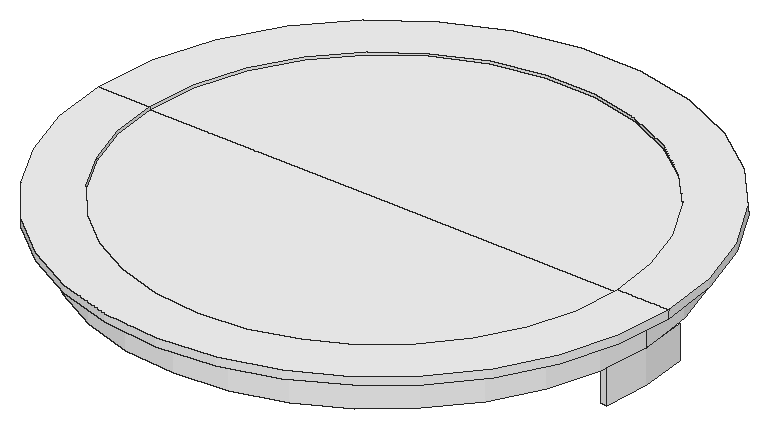
Revit family "0053894 Sylvania Lighting Fixture START eco Downlight Flat 2000lm 830 DIM", category Lighting Fixtures, host Face, Revit 2016
Family settings
  Host = Face
  Part Type = Normal
  Round Connector Dimension = Use Diameter
  OmniClass Number = 23.80.70.11.14.11
  OmniClass Title = Downlights
  Cut with Voids When Loaded = No
  Light Source = Yes
  Shared = No
  Room Calculation Point = No
Parameters (values of type "0053894 START eco Downlight Flat 2000lm 830 DIM ")
  Weight = "6.56 kg"
  Wattage Comments = "n/a"
  Wattage = 23 W
  WarrantyStartDate [instance] = "n/a"
  WarrantyGuarantorParts = "n/a"
  WarrantyDurationUnit = "year"
  WarrantyDurationParts = "n/a"
  WarrantyDescription = "n/a"
  built-in parameter 1150110 = 1 (stored number, unit not read)
  Voltage = 230 V
  URL = "http://www.feilosylvania.com"
  TypeName = "START eco Downlight Flat 2000lm 830 DIM"
  Type Image = <None>
  Type Comments = "n/a"
  built-in parameter 1114217 = 1 (stored number, unit not read)
  Tilt Angle = -90.00°
  built-in parameter 1150109 = 1 (stored number, unit not read)
  built-in parameter 1150134 = (empty or 0)
  built-in parameter 1150113 = 1 (stored number, unit not read)
  SpringMountStartAngle_FEILO = -SpringMountEndAngle_FEILO  # -10.00°
  SpringMountEndAngle_FEILO = 10.00°
  SerialNumber [instance] = "n/a"
  ReflectorMaterial = none
  RecessedHeight_FEILO = 26 mm
  RecessedDiameter_FEILO = 205 mm
  PowerFactor = 0
  PowerConsumption = "23 W"
  Photometric Web File = "0053312.ies"
  NominalLength = 222 mm
  NominalHeight = 26 mm
  NominalDepth = 222 mm
  Name = "START eco Downlight Flat 2000lm 830 DIM"
  ModelReference = Name  # "START eco Downlight Flat 2000lm 830 DIM"
  ModelNumber = "0053894"
  Model = Name  # "START eco Downlight Flat 2000lm 830 DIM"
  Material = "Aluminium"
  ManufacturerName = "Feilo Sylvania"
  Manufacturer = "Feilo Sylvania"
  LuminousEfficacy = "84.35 lm/W"
  built-in parameter 1150105 = 154.38 (stored number, unit not read)
  Lumens = 1940.05 lm
  LuminaireType = "LED recessed downlight"
  built-in parameter 1150115 = 1 (stored number, unit not read)
  LightOutputRatio = "1"
  built-in parameter 1150137 = (empty or 0)
  built-in parameter 1150139 = (empty or 0)
  LampsType = Lamp  # "LED"
  LampNominalLuminous = "1940 lm"
  LampMacAdamStep = "n/a"
  LampColourTemperature = "3000 K"
  LampColourRenderingIndex = "80"
  built-in parameter 1150112 = 1 (stored number, unit not read)
  built-in parameter 1150114 = 1 (stored number, unit not read)
  Lamp = "LED"
  Keynote = "16500"
  InstallationDate [instance] = "n/a"
  InputVoltage = "220-240V~"
  InputNominalFrequency = "50/60 Hz"
  built-in parameter 1150132 = (empty or 0)
  built-in parameter 1150102 = (empty or 0)
  built-in parameter 1150107 = 3000 (stored number, unit not read)
  built-in parameter 1150138 = (empty or 0)
  IngressProtection = "IP44"
  ImpactProtectionIndex = "IK06"
  built-in parameter 1150106 = 1.5438 (stored number, unit not read)
  IfcExportType = "IfcLightFixtureType"
  IfcExportAs = "IfcLightFixtureType"
  ExpectedLife = 50000
  Emit from Circle Diameter = 182 mm
  Emit Shape Visible in Rendering = no
  ElectricShockClassification = "Class II"
  built-in parameter 1150104 = 7.8364 (stored number, unit not read)
  DurationUnit = "hours"
  DocumentationLiterature = "http://www.feilosylvania.com/product/en-int/products/0053312"
  DimmingControlOptions = "Dimmable"
  Dimming Lamp Color Temperature Shift = <None>
  DiffuserMaterial = Diffuser-Sylvania-Glow
  Description = "Integrated LED recessed downlight providing 1940 fixture lumens at a wattage of 23W giving a high efficacy of 84lm/W. Fitting includes Leading/Trailing edge phase dimmable driver and has a round ceiling cut out of 205mm with an IP20 and IK02 rating providing uniform distribution with an Opal diffuser and 110° beam angle. Provided including a Loop in Loop out box and built Built white aluminium housing."
  Default Elevation = 1219.2 mm
  CutoutHeight_FEILO = RecessedHeight_FEILO + 10 mm  # 36 mm
  CreatedOn = "'03-11-2017"
  CreatedBy = "aron.fodor@feilosylvania.com"
  Cost = 0
  Color Filter = 16777215
  built-in parameter 1114216 [instance] = (empty or 0)
  ClassificationValue = "EF_70_80"
  ClassificationName = "Uniclass2015"
  BodyWidth_FEILO = 222 mm
  BodyMaterial = Body-Sylvania-SylFlatDimmable-White
  BodyLength_FEILO = 222 mm
  BodyHeight_FEILO = 13 mm
  BarCode [instance] = "n/a"
  built-in parameter 1114218 = 1 (stored number, unit not read)
  built-in parameter 1150133 = 10 (stored number, unit not read)
  AssetType = "Fixed"
  AssetIdentifier [instance] = "n/a"
  Assembly Code = "D5020200"
  Apparent Load = 0 VA
  AccessoryMaterial = Diffuser-Sylvania-Glow
Reference planes
  plane 1 "Center (Front/Back)": y = 0
  plane 2: z = 0
  plane 3 "Center (Left/Right)": x = 0
  plane 4: x = 111
  plane 5: x = -111
  plane 6: y = 111
  plane 7: y = -111
  plane 8: z = 3
  plane 9: z = -26
  plane 10: x = 102.5
  plane 11: x = -102.5
  plane 12: y = 102.5
  plane 13: y = -102.5
  plane 14: z = 2
  plane 15: x = -91
  plane 16: z = -13
  plane 17: x = -100
  plane 18: x = 100
  plane 19: z = -36
Forms (mm)
  Revolve 1, solid, material "Body-Sylvania-SylFlatDimmable-White" <- "BodyMaterial"
    sketch origin (0, 0, 0) x (1, 0, 0) y (0, 0, 1)
      loop
        line (0, -13) -> (0, 2) -> (-91, 2) -> (-91, 3) -> (-111, 3) -> (-111, 0) -> (-102.5, 0) -> (-102.5, -13) -> (0, -13)
      axis (0, 3) -> (0, -13)
    angle from 360 to 0
  Revolve 2, solid, material "Body-Sylvania-SylFlatDimmable-White" <- "BodyMaterial"
    sketch origin (0.654, 0, 0) x (1, 0, 0) y (0, 0, 1)
      loop
        line (-103.154, -13) -> (-103.154, -26) -> (-100.654, -26) -> (-100.654, -13) -> (-103.154, -13)
      axis (-0.654, -13) -> (-0.654, -26)
    angle from -10 <- "SpringMountStartAngle_FEILO" to 10 <- "SpringMountEndAngle_FEILO"
  Revolve 3, solid, material "Body-Sylvania-SylFlatDimmable-White" <- "BodyMaterial"
    sketch origin (0, 0, 0) x (1, 0, 0) y (0, 0, 1)
      loop
        line (102.5, -13) -> (100, -13) -> (100, -26) -> (102.5, -26) -> (102.5, -13)
      axis (0, -13) -> (0, -26)
    angle from -10 <- "SpringMountStartAngle_FEILO" to 10 <- "SpringMountEndAngle_FEILO"
  Revolve 4, void
    sketch origin (0, 0, 0) x (1, 0, 0) y (0, 0, 1)
      loop
        line (0, 0) -> (-102.5, 0) -> (-102.5, -36) -> (0, -36) -> (0, 0)
      axis (0, 0) -> (0, -36)
    angle from 360 to 0
Cuts and joins
  joined: Revolve 1, Revolve 2, Revolve 3
Dimensions and locks
  equal spacing: plane 5, plane 3 "Center (Left/Right)", plane 4
  equal spacing: plane 7, plane 1 "Center (Front/Back)", plane 6
  "BodyWidth_FEILO": plane 7 to plane 6
  "BodyLength_FEILO": plane 5 to plane 4
  "RecessedHeight_FEILO": plane 2 to plane 9
  locked: plane 8 to plane 2 at 3
  equal spacing: plane 11, plane 3 "Center (Left/Right)", plane 10
  "RecessedDiameter_FEILO": plane 11 to plane 10
  equal spacing: plane 13, plane 1 "Center (Front/Back)", plane 12
  "RecessedDiameter_FEILO": plane 13 to plane 12
  locked: plane 14 to plane 2 at 2
  locked: plane 15 to plane 5 at 20
  "BodyHeight_FEILO": plane 2 to plane 16
  equal spacing: plane 18, plane 3 "Center (Left/Right)", plane 17
  locked: plane 17 to plane 11 at 2.5
  "CutoutHeight_FEILO": plane 2 to plane 19
  aligned and locked: plane 2 to host face
  aligned and locked: level to host face
  aligned and locked: plane 3 "Center (Left/Right)" to Revolve 1 sketch curve
  aligned and locked: Revolve 1 sketch curve to plane 14
  aligned and locked: plane 15 to Revolve 1 sketch curve
  aligned and locked: Revolve 1 sketch curve to plane 8
  aligned and locked: Revolve 1 sketch curve to plane 5
  aligned and locked: Revolve 1 sketch curve to plane 11
  aligned and locked: Revolve 1 sketch curve to plane 3 "Center (Left/Right)"
  aligned and locked: Revolve 1 sketch curve to level
  aligned and locked: plane 16 to Revolve 1 sketch curve
  aligned and locked: Revolve 2 sketch curve to Revolve 1  (x2)
  aligned and locked: Revolve 2 sketch curve to plane 9
  aligned and locked: Revolve 2 sketch curve to plane 17
  aligned and locked: Revolve 2 sketch curve to plane 3 "Center (Left/Right)"
  aligned and locked: Revolve 3 sketch curve to plane 3 "Center (Left/Right)"
  aligned and locked: Revolve 3 sketch curve to Revolve 1  (x2)
  aligned and locked: plane 9 to Revolve 3 sketch curve
  aligned and locked: Revolve 3 sketch curve to plane 18
  aligned and locked: Revolve 4 sketch curve to plane 3 "Center (Left/Right)"
  aligned and locked: plane 19 to Revolve 4 sketch curve
  aligned and locked: plane 3 "Center (Left/Right)" to Revolve 4 sketch curve
  aligned and locked: Revolve 4 sketch curve to plane 11
  aligned and locked: level to Revolve 4 sketch curve
  aligned and locked: imposter light to plane 14
  aligned and locked: plane 3 "Center (Left/Right)" to imposter light
  aligned and locked: imposter light to plane 1 "Center (Front/Back)"
Automatic sketch dimensions
  host sketch curve to host sketch curve = 2438.4 mm  (x2)
  plane 9 to Revolve 1 sketch curve = 587.6 mm
  Revolve 1 sketch curve to plane 8 = 2606.058 mm
  plane 9 to Revolve 2 sketch curve = 587.6 mm
  Revolve 2 sketch curve to plane 8 = 2606.058 mm
  plane 9 to Revolve 3 sketch curve = 587.6 mm
  Revolve 3 sketch curve to plane 8 = 2606.058 mm
  plane 19 to Revolve 4 sketch curve = 577.6 mm
  Revolve 4 sketch curve to plane 8 = 2606.058 mm
Connectors
  electrical at (0, 0, 0), driven by "Apparent Load", driven by "PowerFactor", driven by "Voltage"
    settings: index 1, voltage 230 V, apparent load 0 VA, apparent load phase1 0 VA, apparent load phase2 0 VA, apparent load phase3 0 VA, power factor 0, load classification "Lighting", number of poles 1, system type 30, power factor state 1, is connector primary yes, connector utility no, sub classification motor no, connector description ""
